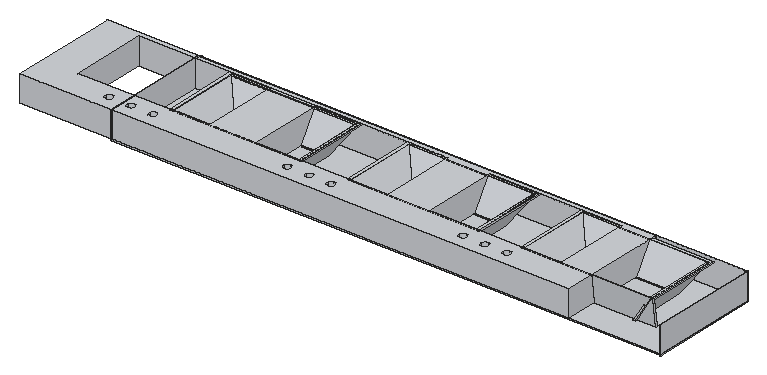
Revit family
Parameters (values of type "800 X 500")
  Cost = 1000000
  Material = none
  Manufacturer = "COCO"
  Assembly Code = "D2010440"
Reference planes
  plane 1 "Center (Front/Back)": y = 0
  plane 2: z = 0
  plane 3 "Center (Left/Right)": x = 0
  plane 4: x = 3.01
  plane 5: x = -111.989
  plane 6: x = -86.989
  plane 7: x = 811.8
  plane 8: x = 696.8
  plane 9: x = 721.8
  plane 10: x = 1601.8
  plane 11: x = 1486.8
  plane 12: x = 1511.8
Forms (mm)
  Sweep 1, solid, material <- "Material"
    path origin (12.5, -75, 0) x (1, 0, 0) y (0, 1, 0)
      loop
        line (-99.49, 210) -> (-99.49, 550) -> (500.321, 550) -> (500.321, 210)
    profile origin (0, 305, 0) x (-1, 0, 0) y (0, 0, 1)
      loop
        line (86.989, 115) -> (86.989, 120) -> (73.098, 120)
        arc (73.098, 120) -> (72.128, 119.749) -> (71.402, 119.06) r 2
        line (71.402, 119.06) -> (-2.423, 0.94)
        arc (-2.423, 0.94) -> (-3.149, 0.251) -> (-4.119, 0) r 2
        line (-4.119, 0) -> (-8.364, 0) -> (-8.364, -5.042) -> (-0.266, -5.042) -> (74.761, 115) -> (86.989, 115)
  Sweep 2, solid, material <- "Material"
    path origin (12.5, -75, 0) x (1, 0, 0) y (0, 1, 0)
      loop
        line (-99.49, 205) -> (500.321, 205)
    profile origin (212.916, 0, 0) x (0, 1, 0) y (0, 0, 1)
      loop
        line (149.827, 1.749) -> (135.102, 118.251)
        arc (135.102, 118.251) -> (134.441, 119.5) -> (133.118, 120) r 2
        line (133.118, 120) -> (129.881, 120) -> (145.686, -5.042) -> (155.686, -5.042) -> (155.686, 0) -> (151.811, 0)
        arc (151.811, 0) -> (150.489, 0.5) -> (149.827, 1.749) r 2
  Extrusion 3, solid, material <- "Material"
    sketch origin (-542, -75, 0) x (1, 0, 0) y (0, 1, 0)
      loop
        arc (-119.49, 573) -> (-121.611, 572.121) -> (-122.49, 570) r 3
        line (-122.49, 570) -> (-122.49, 75) -> (2373.51, 75) -> (2373.51, 570)
        arc (2373.51, 570) -> (2372.632, 572.121) -> (2370.51, 573) r 3
        line (2370.51, 573) -> (-119.49, 573)
      loop
        circle (232.821, 139.361) r 17.5
      loop
        circle (332.821, 139.361) r 17.5
      loop
        circle (432.821, 139.361) r 17.5
      loop
        line (637.821, 550) -> (37.821, 550) -> (37.821, 205) -> (637.821, 205) -> (637.821, 550)
      loop
        circle (1042.821, 139.361) r 17.5
      loop
        circle (1142.821, 139.361) r 17.5
      loop
        circle (1242.821, 139.361) r 17.5
      loop
        line (1446.8, 550) -> (846.8, 550) -> (846.8, 205) -> (1446.8, 205) -> (1446.8, 550)
      loop
        circle (1842.821, 139.361) r 17.5
      loop
        circle (1942.821, 139.361) r 17.5
      loop
        circle (2042.821, 139.361) r 17.5
      loop
        line (2236.8, 550) -> (1636.8, 550) -> (1636.8, 205) -> (2236.8, 205) -> (2236.8, 550)
    from 0 to 120
  Sweep 4, solid, material <- "Material"
    path origin (-125, -75, 0) x (1, 0, 0) y (0, 1, 0)
      loop
        line (-124.49, 75) -> (-124.49, 570)
        arc (-124.49, 570) -> (-123.025, 573.536) -> (-119.49, 575) r 5
        line (-119.49, 575) -> (2370.51, 575)
        arc (2370.51, 575) -> (2374.046, 573.536) -> (2375.51, 570) r 5
        line (2375.51, 570) -> (2375.51, 75)
    profile origin (0, 247.5, 0) x (-1, 0, 0) y (0, 0, 1)
      loop
        line (247.49, 120) -> (247.49, -5) -> (248.49, -5)
        arc (248.49, -5) -> (249.197, -4.707) -> (249.49, -4) r 1
        line (249.49, -4) -> (249.49, 119)
        arc (249.49, 119) -> (249.197, 119.707) -> (248.49, 120) r 1
        line (248.49, 120) -> (247.49, 120)
  Extrusion 5, solid, material <- "Material"
    sketch origin (-125, -75, 0) x (1, 0, 0) y (0, 1, 0)
      loop
        arc (-124.49, 80) -> (-123.025, 76.464) -> (-119.49, 75) r 5
        line (-119.49, 75) -> (2370.51, 75)
        arc (2370.51, 75) -> (2374.046, 76.464) -> (2375.51, 80) r 5
        line (2375.51, 80) -> (2375.51, 570)
        arc (2375.51, 570) -> (2374.046, 573.536) -> (2370.51, 575) r 5
        line (2370.51, 575) -> (-119.49, 575)
        arc (-119.49, 575) -> (-123.025, 573.536) -> (-124.49, 570) r 5
        line (-124.49, 570) -> (-124.49, 80)
      loop
        circle (350.354, 275) r 23
      loop
        circle (1150.354, 275) r 23
      loop
        circle (1950.354, 275) r 23
    from -5.042 to 0
  Sweep 6, solid, material <- "Material"
    path origin (821.25, -75, 0) x (1, 0, 0) y (0, 1, 0)
      loop
        line (-99.49, 205) -> (500.321, 205)
    profile origin (1021.666, 0, 0) x (0, 1, 0) y (0, 0, 1)
      loop
        line (149.827, 1.749) -> (135.102, 118.251)
        arc (135.102, 118.251) -> (134.441, 119.5) -> (133.118, 120) r 2
        line (133.118, 120) -> (129.881, 120) -> (145.686, -5.042) -> (155.686, -5.042) -> (155.686, 0) -> (151.811, 0)
        arc (151.811, 0) -> (150.489, 0.5) -> (149.827, 1.749) r 2
  Sweep 7, solid, material <- "Material"
    path origin (1612.5, -75, 0) x (1, 0, 0) y (0, 1, 0)
      loop
        line (-99.49, 205) -> (500.321, 205)
    profile origin (1812.916, 0, 0) x (0, 1, 0) y (0, 0, 1)
      loop
        line (149.827, 1.749) -> (135.102, 118.251)
        arc (135.102, 118.251) -> (134.441, 119.5) -> (133.118, 120) r 2
        line (133.118, 120) -> (129.881, 120) -> (145.686, -5.042) -> (155.686, -5.042) -> (155.686, 0) -> (151.811, 0)
        arc (151.811, 0) -> (150.489, 0.5) -> (149.827, 1.749) r 2
  Sweep 8, solid, material <- "Material"
    path origin (821.29, -75, 0) x (1, 0, 0) y (0, 1, 0)
      loop
        line (-99.49, 210) -> (-99.49, 550) -> (500.321, 550) -> (500.321, 210)
    profile origin (0, 305, 0) x (-1, 0, 0) y (0, 0, 1)
      loop
        line (-721.8, 115) -> (-721.8, 120) -> (-735.692, 120)
        arc (-735.692, 120) -> (-736.661, 119.749) -> (-737.388, 119.06) r 2
        line (-737.388, 119.06) -> (-811.212, 0.94)
        arc (-811.212, 0.94) -> (-811.939, 0.251) -> (-812.908, 0) r 2
        line (-812.908, 0) -> (-817.153, 0) -> (-817.153, -5.042) -> (-809.055, -5.042) -> (-734.029, 115) -> (-721.8, 115)
  Sweep 9, solid, material <- "Material"
    path origin (1611.29, -75, 0) x (1, 0, 0) y (0, 1, 0)
      loop
        line (-99.49, 210) -> (-99.49, 550) -> (500.321, 550) -> (500.321, 210)
    profile origin (0, 305, 0) x (-1, 0, 0) y (0, 0, 1)
      loop
        line (-1511.8, 115) -> (-1511.8, 120) -> (-1525.692, 120)
        arc (-1525.692, 120) -> (-1526.661, 119.749) -> (-1527.388, 119.06) r 2
        line (-1527.388, 119.06) -> (-1601.212, 0.94)
        arc (-1601.212, 0.94) -> (-1601.939, 0.251) -> (-1602.908, 0) r 2
        line (-1602.908, 0) -> (-1607.153, 0) -> (-1607.153, -5.042) -> (-1599.055, -5.042) -> (-1524.029, 115) -> (-1511.8, 115)
Lines and regions (mm)
  symbolic lines
    curve 1: line (-244.489, 500, 0) -> (244.49, 500, 0)
    curve 2: arc (244.49, 500, 0) -> (248.025, 498.536, 0) -> (249.49, 495, 0) r 5
    curve 3: line (249.49, 495, 0) -> (249.49, 5, 0)
    curve 4: arc (249.49, 5, 0) -> (248.025, 1.464, 0) -> (244.49, 0, 0) r 5
    curve 5: line (244.49, 0, 0) -> (-244.489, 0, 0)
    curve 6: arc (-244.489, 0, 0) -> (-248.025, 1.464, 0) -> (-249.489, 5, 0) r 5
    curve 7: line (-249.489, 5, 0) -> (-249.489, 495, 0)
    curve 8: arc (-249.489, 495, 0) -> (-248.025, 498.536, 0) -> (-244.489, 500, 0) r 5
    curve 9: line (-219.489, 475, 0) -> (219.49, 475, 0)
    curve 10: arc (219.49, 475, 0) -> (223.025, 473.536, 0) -> (224.49, 470, 0) r 5
    curve 11: line (224.49, 470, 0) -> (224.49, 135, 0)
    curve 12: arc (224.49, 135, 0) -> (223.025, 131.464, 0) -> (219.49, 130, 0) r 5
    curve 13: line (219.49, 130, 0) -> (-219.489, 130, 0)
    curve 14: arc (-219.489, 130, 0) -> (-223.025, 131.464, 0) -> (-224.489, 135, 0) r 5
    curve 15: line (-224.489, 135, 0) -> (-224.489, 470, 0)
    curve 16: arc (-224.489, 470, 0) -> (-223.025, 473.536, 0) -> (-219.489, 475, 0) r 5
    curve 17: line (124.106, 150.048, 0) -> (-126.022, 150.048, 0)
    curve 18: line (-126.022, 150.048, 0) -> (-129.49, 150.048, 0)
    curve 19: arc (-129.49, 150.048, 0) -> (-133.025, 151.513, 0) -> (-134.49, 155.048, 0) r 5
    curve 20: line (-134.49, 155.048, 0) -> (-134.49, 380, 0)
    curve 21: arc (-134.49, 380, 0) -> (-133.025, 383.536, 0) -> (-129.49, 385, 0) r 5
    curve 22: line (-129.49, 385, 0) -> (130.511, 385, 0)
    curve 23: line (-219.489, 470, 0) -> (-137.619, 388.13, 0)
    curve 24: line (219.49, 470, 0) -> (137.185, 387.696, 0)
    curve 25: line (219.49, 135, 0) -> (139.819, 150.477, 0)
    curve 26: line (-219.489, 135, 0) -> (-139.472, 151.032, 0)
    curve 27: arc (23.511, 200, 0) -> (0.511, 177, 0) -> (-22.489, 200, 0) r 23
    curve 28: arc (-22.489, 200, 0) -> (0.511, 223, 0) -> (23.511, 200, 0) r 23
    curve 29: arc (-36.989, 200, 0) -> (0.511, 237.5, 0) -> (38.011, 200, 0) r 37.5
    curve 30: arc (38.011, 200, 0) -> (0.511, 162.5, 0) -> (-36.989, 200, 0) r 37.5
    curve 31: arc (-16.989, 64.361, 0) -> (0.511, 81.861, 0) -> (18.011, 64.361, 0) r 17.5
    curve 32: arc (18.011, 64.361, 0) -> (0.511, 46.861, 0) -> (-16.989, 64.361, 0) r 17.5
    curve 33: arc (83.011, 64.361, 0) -> (100.511, 81.861, 0) -> (118.011, 64.361, 0) r 17.5
    curve 34: arc (118.011, 64.361, 0) -> (100.511, 46.861, 0) -> (83.011, 64.361, 0) r 17.5
    curve 35: arc (-116.989, 64.361, 0) -> (-99.489, 81.861, 0) -> (-81.989, 64.361, 0) r 17.5
    curve 36: arc (-81.989, 64.361, 0) -> (-99.489, 46.861, 0) -> (-116.989, 64.361, 0) r 17.5
    curve 37: spline (-11.99, 136.838, 0) -> (-11.564, 137.639, 0) -> (-10.315, 138.385, 0) -> (-8.328, 139.026, 0) -> (-5.74, 139.518, 0) -> (-2.725, 139.827, 0) -> (0.51, 139.933, 0) -> (3.746, 139.827, 0) -> (6.76, 139.518, 0) -> (9.349, 139.026, 0) -> (11.336, 138.385, 0) -> (12.585, 137.639, 0) -> (13.01, 136.838, 0)
    curve 38: spline (-11.99, 136.838, 0) -> (-11.564, 136.036, 0) -> (-10.315, 135.29, 0) -> (-8.328, 134.649, 0) -> (-5.74, 134.157, 0) -> (-2.725, 133.848, 0) -> (0.51, 133.742, 0) -> (3.746, 133.848, 0) -> (6.76, 134.157, 0) -> (9.349, 134.649, 0) -> (11.336, 135.29, 0) -> (12.585, 136.036, 0) -> (13.01, 136.838, 0)
    curve 39: arc (130.511, 150.048, 0) -> (134.046, 151.513, 0) -> (135.511, 155.048, 0) r 5
    curve 40: line (135.511, 155.048, 0) -> (135.511, 380, 0)
    curve 41: arc (135.511, 380, 0) -> (134.046, 383.536, 0) -> (130.511, 385, 0) r 5
Dimensions and locks
  locked: curve 1 to curve 5 at 500
  locked: curve 9 to curve 1 at 25
  locked: curve 13 to curve 5 at 130
  locked: curve 17 to curve 13 at 20.048
  locked: curve 22 to curve 17 at 234.952
  locked: curve 22 to curve 9 at 90
  curve 32 to curve 36 to curve 34 to curve 5 = 0 mm, 0 mm, 46.861 mm locked
  curve 27 to curve 30 to curve 17 = 14.5 mm locked, 12.452 mm locked
  curve 38 to curve 13 = 3.742 mm
